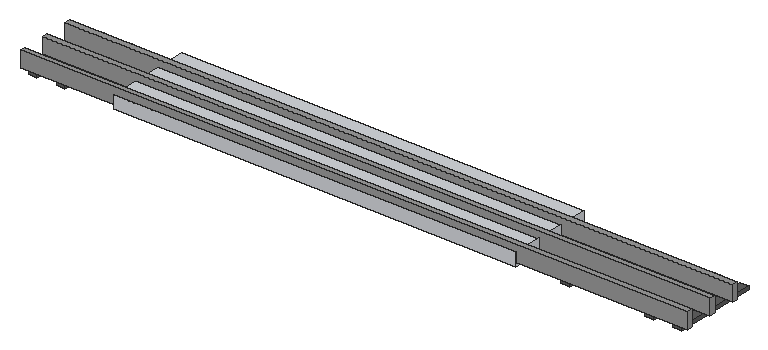
Revit family "1113-3, Veneer", category Generic Models, host Face, Revit 2020
Family settings
  Host = Face
  Can host rebar = No
  Round Connector Dimension = Use Diameter
  Part Type = Normal
  Cut with Voids When Loaded = No
  Shared = No
  Room Calculation Point = No
Parameters
  min_value [instance] = 1' - 11 1/4"  # constant formula
  max_value [instance] = 9' - 11 1/4"  # constant formula
  actual_value [instance] = if(NET LENGTH < min_value, min_value, if(NET LENGTH > max_value, max_value, NET LENGTH))  # 7' - 11 1/4"
  NET LENGTH [instance] = 7' - 11 1/4"
  Default Elevation = 4' - 0"
  BACKER MATERIAL [instance] = BLACK-BACKERS
  .. MEMBER WIDTH [instance] = 0' - 0 3/4"  # constant formula
  .. MEMBER MATERIAL [instance] = Veneer Cherry
  .. MEMBER LENGTH [instance] = actual_value  # 7' - 11 1/4"
  .. MEMBER DEPTH [instance] = 0' - 2 1/4"  # constant formula
  .. MEMBER COUNT [instance] = 3  # constant formula
  IMPORTANT NOTE!!!                                                                             *Backer layout is for visualization purposes only, final layout to be determined by 9Wood. [instance] = ""
Reference planes (in)
  plane 1 "Center (Front/Back)": y = 0
  plane 2: z = 1.82209
  plane 3 "Center (Left/Right)": x = 0
Forms (in)
  Extrusion 1, solid
    sketch origin (132, -33.80483, 0) x (1, 0, 0) y (0, 1, 0)
      loop
        line (-118.625, 33.80483) -> (-61.26146, 33.80483) -> (-61.26146, 45.86733) -> (-118.625, 45.86733) -> (-118.625, 33.80483)
    from 1.82209 to 0
Dimensions and locks (in)
  aligned and locked: Extrusion 1 to plane 2
  aligned and locked: plane 3 "Center (Left/Right)" to nested 1
Nested families (in)
  nested 1: "1100 SERIES CONFIG" at (0, 2, 0), .. MEMBER DEPTH <- ".. MEMBER DEPTH", .. MEMBER LENGTH <- ".. MEMBER LENGTH", .. MEMBER WIDTH <- ".. MEMBER WIDTH", .. MEMBER MATERIAL <- ".. MEMBER MATERIAL", BACKING M MATERIAL <- "BACKER MATERIAL", .. MEMBER COUNT <- ".. MEMBER COUNT", type "1100 SERIES CONFIG"
    with X 7' - 8", SCRIM OVERHANG 2 0' - 0 3/32", SCRIM OVERHANG 0' - 0 7/8", SCRIM LENGTH 8' - 1", SCRIM  MATERIAL SCRIM, SCRIM no, NOMINAL LENGTH 7, N 8, Inset 6' - 0 3/8", INSET 0' - 1", INDEX 0' - 5 5/8", HALF MEMBER WIDTH 0' - 0 3/8", HALF LENGTH 3' - 11 5/8", END BACKER yes, BACKING M WIDTH 0' - 1 1/4", BACKING M OC SPACING 1' - 0", BACKING M MATERIAL BLACK-BACKERS, BACKING M LENGTH 0' - 11 7/8", BACKING M DEPTH 0' - 0 1/2", BACKING M COUNT 8, 3/16" INSET 0' - 0 3/16", .. MEMBER WIDTH 0' - 0 3/4", .. MEMBER OC SPACING 0' - 4", .. MEMBER MATERIAL Veneer Cherry, .. MEMBER LENGTH 7' - 11 1/4", .. MEMBER DEPTH 0' - 2 1/4", .. MEMBER COUNT 3
Definition of nested family "1100 SERIES CONFIG"
  Parameters (values of type "1100 SERIES CONFIG")
    X [instance] = .. MEMBER LENGTH - 0' 3 1/4"  # 5' - 5"
    SCRIM OVERHANG 2 [instance] = 0' - 0 3/32"  # constant formula
    SCRIM OVERHANG [instance] = 0' - 0 7/8"  # constant formula
    SCRIM LENGTH [instance] = .. MEMBER LENGTH + (SCRIM OVERHANG * 2)  # 5' - 10"
    SCRIM  MATERIAL [instance] = none
    SCRIM [instance] = yes
    NOMINAL LENGTH [instance] = 7
    N [instance] = if((X - (rounddown(X / 1' 0") * 1' 0")) > 1' 0", rounddown(X / 1' 0") + 2, rounddown(X / 1' 0") + 1)  # 6
    Inset [instance] = 6' - 0 3/8"  # constant formula
    INSET [instance] = 0' - 1"  # constant formula
    END BACKER [instance] = INDEX > 0' 3 5/8"  # yes
    INDEX [instance] = (.. MEMBER LENGTH - ((N - 1) * 1' 0")) / 2  # 0' - 4 1/8"
    HALF MEMBER WIDTH [instance] = .. MEMBER WIDTH / 2  # 0' - 0 5/16"
    HALF LENGTH [instance] = .. MEMBER LENGTH / 2  # 2' - 10 1/8"
    Default Elevation = 0' - 0"
    BACKING M WIDTH [instance] = 0' - 1 1/4"
    BACKING M SPACING = 3' - 3"
    BACKING M MATERIAL [instance] = none
    BACKING M LENGTH [instance] = 0' - 11 7/8"
    BACKING M DEPTH [instance] = 0' - 0 1/2"
    BACKING M COUNT [instance] = N  # 6
    BACKING M OC SPACING [instance] = 1' - 0"  # constant formula
    3/16" INSET [instance] = 0' - 0 3/16"  # constant formula
    .. MEMBER WIDTH [instance] = 0' - 0 5/8"
    .. MEMBER OC SPACING [instance] = 1' 0" / .. MEMBER COUNT  # 0' - 4"
    .. MEMBER MATERIAL [instance] = none
    .. MEMBER LENGTH [instance] = 5' - 8 1/4"
    .. MEMBER DEPTH [instance] = 0' - 1 3/8"
    .. MEMBER COUNT [instance] = 3
  Reference planes (in)
    plane 1 "Center (Front/Back)": y = -2
    plane 2: z = 0
    plane 3 "Center (Left/Right)": x = 0
    plane 4: x = 1
    plane 5: x = 4.125
    plane 6: x = 34.125
    plane 7: x = 68.25
    plane 8: x = 67.25
    plane 9: x = 16.125
    plane 10: y = -1.8125
    plane 11: y = -1.6875
    plane 12: y = 2.3125
    plane 13: x = 69.125
    plane 14: x = -0.875
    plane 15: z = 0.5
    plane 16: z = 0.5625
    plane 17: y = 10.0625
    plane 18: y = 10.15625
    plane 19: y = -2.09375
  Dimensions and locks (in)
    "INSET": plane 3 "Center (Left/Right)" to plane 4
    "INDEX": plane 3 "Center (Left/Right)" to plane 5
    "HALF LENGTH": plane 3 "Center (Left/Right)" to plane 6
    ".. MEMBER LENGTH": plane 3 "Center (Left/Right)" to plane 7
    "INSET": plane 8 to plane 7
    equal spacing: group 2, group 3, group 6, group 7, group 8, group 9  (x3)
    "3/16" INSET": plane 1 "Center (Front/Back)" to plane 10
    ".. MEMBER OC SPACING": plane 12 to plane 11
    "SCRIM OVERHANG": plane 14 to plane 3 "Center (Left/Right)"
    "SCRIM OVERHANG": plane 7 to plane 13
    equal spacing: group 1, group 4, group 5  (x2)
    equal spacing: group 5, group 4, group 1
    "HALF MEMBER WIDTH": plane 1 "Center (Front/Back)" to plane 11
    "BACKING M OC SPACING": plane 5 to plane 9
    "SCRIM OVERHANG 2": plane 18 to plane 17
    "SCRIM OVERHANG 2": plane 19 to plane 1 "Center (Front/Back)"
    aligned and locked: level to plane 2
    aligned and locked: plane 6 to nested 1
    aligned and locked: nested 2 to plane 4
    aligned and locked: plane 5 to nested 3
    aligned and locked: plane 1 "Center (Front/Back)" to nested 1
    aligned and locked: nested 2 to plane 10
    aligned and locked: nested 3 to plane 10
    aligned and locked: nested 5 to plane 10
    aligned and locked: nested 4 to plane 10
    aligned and locked: nested 6 to plane 14
    aligned and locked: plane 12 to nested 7
    aligned and locked: nested 7 to plane 3 "Center (Left/Right)"
    aligned and locked: plane 9 to nested 5
    aligned and locked: plane 8 to nested 4
    aligned and locked: plane 15 to nested 2
    aligned and locked: nested 6 to plane 15
    aligned and locked: nested 1 to plane 16
    aligned and locked: nested 7 to plane 16
    aligned and locked: nested 6 to plane 19
  Nested families (in)
    nested 1: "INSTANCE - Parametric Cube" at (34.125, -1.6875, 1.9375), Length <- ".. MEMBER WIDTH", Height <- ".. MEMBER DEPTH", Width <- ".. MEMBER LENGTH", Material <- ".. MEMBER MATERIAL", type "INSTANCE - Parametric Cube"
      with Width 5' - 8 1/4", Material none, Length 0' - 0 5/8", Height 0' - 1 3/8"
    nested 2: "2ND INSTANCE - Parametric Cube" at (1.625, 4.125, 0), Height <- "BACKING M DEPTH", Length <- "BACKING M LENGTH", Width <- "BACKING M WIDTH", Material <- "BACKING M MATERIAL", visible <- "END BACKER", type "2ND INSTANCE - Parametric Cube"
      with Width 0' - 1 1/4", Material none, Length 0' - 11 7/8", Height 0' - 0 1/2"
    nested 3: "2ND INSTANCE - Parametric Cube" at (4.125, 4.125, 0), Length <- "BACKING M LENGTH", Height <- "BACKING M DEPTH", Width <- "BACKING M WIDTH", Material <- "BACKING M MATERIAL", type "2ND INSTANCE - Parametric Cube"
      with Width 0' - 1 1/4", Material none, Length 0' - 11 7/8", Height 0' - 0 1/2"
    nested 4: "2ND INSTANCE - Parametric Cube" at (66.625, 4.125, 0), Width <- "BACKING M WIDTH", Length <- "BACKING M LENGTH", Height <- "BACKING M DEPTH", Material <- "BACKING M MATERIAL", visible <- "END BACKER", type "2ND INSTANCE - Parametric Cube"
      with Width 0' - 1 1/4", Material none, Length 0' - 11 7/8", Height 0' - 0 1/2"
    nested 5: "2ND INSTANCE - Parametric Cube" at (16.125, 4.125, 0), Length <- "BACKING M LENGTH", Height <- "BACKING M DEPTH", Width <- "BACKING M WIDTH", Material <- "BACKING M MATERIAL", type "2ND INSTANCE - Parametric Cube"
      with Width 0' - 1 1/4", Material none, Length 0' - 11 7/8", Height 0' - 0 1/2"
    nested 6: "3RD INSTANCE - Parametric Cube" at (34.125, 4.0445, 0.5), Width <- "SCRIM LENGTH", Material <- "SCRIM  MATERIAL", visible <- "SCRIM", type "3RD INSTANCE - Parametric Cube"
      with Width 5' - 10", Material none, Length 1' - 0.27649", Height 0' - 0 1/16"
    nested 7: "INSTANCE - Parametric Cube" at (34.125, 2.3125, 1.9375), Length <- ".. MEMBER WIDTH", Height <- ".. MEMBER DEPTH", Width <- ".. MEMBER LENGTH", Material <- ".. MEMBER MATERIAL", type "INSTANCE - Parametric Cube"
      with Width 5' - 8 1/4", Material none, Length 0' - 0 5/8", Height 0' - 1 3/8"
    nested 8: "INSTANCE - Parametric Cube" at (34.125, 6.3125, 1.9375), Length <- ".. MEMBER WIDTH", Height <- ".. MEMBER DEPTH", Width <- ".. MEMBER LENGTH", Material <- ".. MEMBER MATERIAL", type "INSTANCE - Parametric Cube"
      with Width 5' - 8 1/4", Material none, Length 0' - 0 5/8", Height 0' - 1 3/8"
    nested 9: "2ND INSTANCE - Parametric Cube" at (28.125, 4.125, 0), Length <- "BACKING M LENGTH", Height <- "BACKING M DEPTH", Width <- "BACKING M WIDTH", Material <- "BACKING M MATERIAL", type "2ND INSTANCE - Parametric Cube"
      with Width 0' - 1 1/4", Material none, Length 0' - 11 7/8", Height 0' - 0 1/2"
    nested 10: "2ND INSTANCE - Parametric Cube" at (40.125, 4.125, 0), Length <- "BACKING M LENGTH", Height <- "BACKING M DEPTH", Width <- "BACKING M WIDTH", Material <- "BACKING M MATERIAL", type "2ND INSTANCE - Parametric Cube"
      with Width 0' - 1 1/4", Material none, Length 0' - 11 7/8", Height 0' - 0 1/2"
    nested 11: "2ND INSTANCE - Parametric Cube" at (52.125, 4.125, 0), Length <- "BACKING M LENGTH", Height <- "BACKING M DEPTH", Width <- "BACKING M WIDTH", Material <- "BACKING M MATERIAL", type "2ND INSTANCE - Parametric Cube"
      with Width 0' - 1 1/4", Material none, Length 0' - 11 7/8", Height 0' - 0 1/2"
    nested 12: "2ND INSTANCE - Parametric Cube" at (64.125, 4.125, 0), Length <- "BACKING M LENGTH", Height <- "BACKING M DEPTH", Width <- "BACKING M WIDTH", Material <- "BACKING M MATERIAL", type "2ND INSTANCE - Parametric Cube"
      with Width 0' - 1 1/4", Material none, Length 0' - 11 7/8", Height 0' - 0 1/2"
  Definition of nested family "INSTANCE - Parametric Cube"
    Parameters (values of type "INSTANCE - Parametric Cube")
      Width [instance] = 0' - 6"
      Material [instance] = none
      Length [instance] = 1' - 0"
      Height [instance] = 1' - 6"
      Default Elevation = 0' - 0"
    Reference planes (in)
      plane 1 "Center (Front/Back)": y = 0
      plane 2: z = 0
      plane 3 "Center (Left/Right)": x = 0
      plane 4: x = -3
      plane 5: x = 3
      plane 6: y = 6
      plane 7: y = -6
      plane 8: z = -18
    Forms (in)
      Extrusion 1, solid, material <- "Material"
        sketch origin (0, 0, 0) x (1, 0, 0) y (0, 1, 0)
          loop
            line (-3, 6) -> (-3, -6) -> (3, -6) -> (3, 6) -> (-3, 6)
        from -18 to 0
    Dimensions and locks (in)
      equal spacing: plane 4, plane 3 "Center (Left/Right)", plane 5
      equal spacing: plane 6, plane 1 "Center (Front/Back)", plane 7
      "Length": plane 6 to plane 7
      "Width": plane 4 to plane 5
      "Height": plane 8 to level
      aligned and locked: plane 2 to level
      aligned and locked: Extrusion 1 sketch curve to plane 6
      aligned and locked: plane 4 to Extrusion 1 sketch curve
      aligned and locked: plane 7 to Extrusion 1 sketch curve
      aligned and locked: Extrusion 1 sketch curve to plane 5
      aligned and locked: Extrusion 1 to plane 8
  Definition of nested family "2ND INSTANCE - Parametric Cube"
    Parameters (values of type "2ND INSTANCE - Parametric Cube")
      Width [instance] = 0' - 6"
      Material [instance] = none
      Length [instance] = 1' - 0"
      Height [instance] = 1' - 6"
      Default Elevation = 0' - 0"
    Reference planes (in)
      plane 1 "Center (Front/Back)": y = 0
      plane 2: z = 0
      plane 3 "Center (Left/Right)": x = 0
      plane 4: x = -3
      plane 5: x = 3
      plane 6: y = 6
      plane 7: y = -6
      plane 8: z = 18
    Forms (in)
      Extrusion 1, solid, material <- "Material"
        sketch origin (0, 0, 0) x (1, 0, 0) y (0, 1, 0)
          loop
            line (-3, 6) -> (-3, -6) -> (3, -6) -> (3, 6) -> (-3, 6)
        from 0 to 18
    Dimensions and locks (in)
      equal spacing: plane 4, plane 3 "Center (Left/Right)", plane 5
      equal spacing: plane 6, plane 1 "Center (Front/Back)", plane 7
      "Length": plane 6 to plane 7
      "Width": plane 4 to plane 5
      "Height": level to plane 8
      aligned and locked: plane 2 to level
      aligned and locked: Extrusion 1 sketch curve to plane 6
      aligned and locked: plane 4 to Extrusion 1 sketch curve
      aligned and locked: plane 7 to Extrusion 1 sketch curve
      aligned and locked: Extrusion 1 sketch curve to plane 5
      aligned and locked: plane 8 to Extrusion 1
      aligned and locked: Extrusion 1 to level
  Definition of nested family "3RD INSTANCE - Parametric Cube"
    Parameters (values of type "3RD INSTANCE - Parametric Cube")
      Width [instance] = 0' - 6"
      Material [instance] = none
      Length [instance] = 1' - 0"
      Height [instance] = 1' - 6"
      Default Elevation = 0' - 0"
    Reference planes (in)
      plane 1 "Center (Front/Back)": y = 0
      plane 2: z = 0
      plane 3 "Center (Left/Right)": x = 0
      plane 4: x = -3
      plane 5: x = 3
      plane 6: y = 6
      plane 7: y = -6
      plane 8: z = 18
    Forms (in)
      Extrusion 1, solid, material <- "Material"
        sketch origin (0, 0, 0) x (1, 0, 0) y (0, 1, 0)
          loop
            line (-3, 6) -> (-3, -6) -> (3, -6) -> (3, 6) -> (-3, 6)
        from 0 to 18
    Dimensions and locks (in)
      equal spacing: plane 4, plane 3 "Center (Left/Right)", plane 5
      equal spacing: plane 6, plane 1 "Center (Front/Back)", plane 7
      "Length": plane 6 to plane 7
      "Width": plane 4 to plane 5
      "Height": level to plane 8
      aligned and locked: plane 2 to level
      aligned and locked: Extrusion 1 sketch curve to plane 6
      aligned and locked: plane 4 to Extrusion 1 sketch curve
      aligned and locked: plane 7 to Extrusion 1 sketch curve
      aligned and locked: Extrusion 1 sketch curve to plane 5
      aligned and locked: plane 8 to Extrusion 1
      aligned and locked: Extrusion 1 to level
